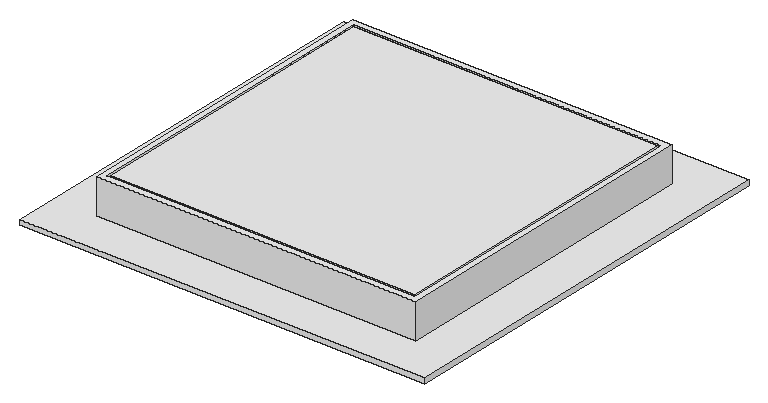
Revit family "Floor_Door-Acudor-Flush_Diamond_Plate-FD-8060_Series", category Specialty Equipment, host Face, Revit 2014
Parameters (values of type "FD-8060 8x8")
  Width = 8"
  URL = "http://acudor.com/"
  Product URL = "https://www.acudor.com/products/floor-doors/fd-8060"
  Product Documentation Link = "https://www.acudor.com/images/acudor/accessdoors/floor/FD8060/FD-8060-PS.pdf"
  Model = "FD-8060 8x8"
  Material = "Aluminum-Acudor-Mill Finish"  # constant formula
  Manufacturer = "Acudor"
  Length = 1"  # constant formula
  Installation Type = "Floor"
  Height = 8"
  Finish = Aluminum-Acudor-Mill Finish
  Description = "Non Hinged, Flush Diamond Plate Floor Door"
  Default Elevation = 0"
  Assembly Code = "C1020700"
Types (5): name | Width | Model | Height
  (no name) | 8" | "FD-8060 8x8" | 8"
  FD-8060 8x8 | 8" | "FD-8060 8x8" | 8"
  FD-8060 12x12 | 12" | "FD-8060 12x12" | 12"
  FD-8060 18x18 | 18" | "FD-8060 18x18" | 18"
  FD-8060 24x24 | 24" | "FD-8060 24x24" | 24"
Reference planes (in)
  plane 1 "Center (Front/Back)": y = 0
  plane 2: z = 0
  plane 3 "Center (Left/Right)": x = 0
  plane 4: x = 5.0625
  plane 5: x = -5.0625
  plane 6: y = -4
  plane 7: y = 4
  plane 8: z = -1
  plane 9: x = 4
  plane 10: x = -4
  plane 11: y = 5.0625
  plane 12: y = -5.0625
Forms (in)
  Sweep 1, solid, material "Aluminum-Acudor-Mill Finish" <- "Finish"
    path origin (0, 0, 0) x (1, 0, 0) y (0, 1, 0)
      loop
        line (-4, 4) -> (-4, -4) -> (4, -4) -> (4, 4) -> (-4, 4)
    profile origin (0, 4, 0) x (0, 1, 0) y (0, 0, 1)
      loop
        line (-0.13465, 0) -> (-0.13465, -0.87672) -> (-0.19222, -0.87672) -> (-0.19222, 0) -> (-0.44222, 0) -> (-0.44222, -1) -> (1.0625, -1) -> (1.0625, -0.87672) -> (0, -0.87672) -> (0, 0) -> (-0.13465, 0)
  Extrusion 2, void
    sketch origin (0, 0, 0) x (1, 0, 0) y (0, 1, 0)
      loop
        line (-4, 4) -> (-4, -4) -> (4, -4) -> (4, 4) -> (-4, 4)
    from -1 to 0
  Extrusion 3, solid, material "Aluminum-Acudor-Mill Finish" <- "Finish"
    sketch origin (-3.55778, 3.55778, 0) x (1, 0, 0) y (0, 1, 0)
      loop
        line (7.11556, 0) -> (0, 0) -> (0, -7.11556) -> (7.11556, -7.11556) -> (7.11556, 0)
    from -1 to 0
Cuts and joins
  joined: Sweep 1, Extrusion 3
Lines and regions (in)
  Masking region 1
    outline origin (-3.55778, 3.55778, 0) x (1, 0, 0) y (0, 1, 0)
      loop
        line (-1.50472, 1.50472) -> (-1.50472, -8.62028) -> (8.62028, -8.62028) -> (8.62028, 1.50472) -> (-1.50472, 1.50472)
  model lines
    curve 1: circle (-3.55778, 3.55778, 0) r 0.05374 normal (0, 0, 1)
    curve 2: circle (3.55778, 3.55778, 0) r 0.05374 normal (0, 0, -1)
    curve 3: circle (-3.55778, -3.55778, 0) r 0.05374 normal (0, 0, -1)
    curve 4: circle (3.55778, -3.55778, 0) r 0.05374 normal (0, 0, 1)
  symbolic lines, detail levels medium+fine
    curve 5: line (-4, 4, 0) -> (4, 4, 0)
    curve 6: line (-4, -4, 0) -> (-4, 4, 0)
    curve 7: line (4, -4, 0) -> (-4, -4, 0)
    curve 8: line (4, 4, 0) -> (4, -4, 0)
    curve 9: line (-3.86535, 3.86535, 0) -> (3.86535, 3.86535, 0)
    curve 10: line (-3.86535, -3.86535, 0) -> (-3.86535, 3.86535, 0)
    curve 11: line (3.86535, -3.86535, 0) -> (-3.86535, -3.86535, 0)
    curve 12: line (3.86535, 3.86535, 0) -> (3.86535, -3.86535, 0)
    curve 13: line (-3.80778, 3.80778, 0) -> (3.80778, 3.80778, 0)
    curve 14: line (-3.80778, -3.80778, 0) -> (-3.80778, 3.80778, 0)
    curve 15: line (3.80778, -3.80778, 0) -> (-3.80778, -3.80778, 0)
    curve 16: line (3.80778, 3.80778, 0) -> (3.80778, -3.80778, 0)
    curve 17: circle (-3.55778, 3.55778, 0) r 0.05374 normal (0, 0, 1)
    curve 18: circle (3.55778, 3.55778, 0) r 0.05374 normal (0, 0, 1)
    curve 19: circle (3.55778, -3.55778, 0) r 0.05374 normal (0, 0, 1)
    curve 20: circle (-3.55778, -3.55778, 0) r 0.05374 normal (0, 0, 1)
Dimensions and locks (in)
  "Length": plane 8 to level
  equal spacing: plane 10, plane 3 "Center (Left/Right)", plane 9
  "Width": plane 10 to plane 9
  equal spacing: plane 7, plane 1 "Center (Front/Back)", plane 6
  "Height": plane 7 to plane 6
  locked: plane 12 to plane 6 at 1.0625
  locked: plane 11 to plane 7 at 1.0625
  locked: plane 5 to plane 10 at 1.0625
  locked: plane 9 to plane 4 at 1.0625
  locked: Sweep 1 sketch curve to Sweep 1 sketch curve at 0.05757
  locked: plane 7 to Sweep 1 sketch curve at 0.13465
  locked: level to Sweep 1 sketch curve at 0.87672
  locked: plane 7 to curve 1 at 0.44222
  locked: plane 10 to curve 1 at 0.44222
  locked: plane 6 to curve 3 at 0.44222
  locked: plane 10 to curve 3 at 0.44222
  locked: curve 4 to plane 9 at 0.44222
  locked: plane 6 to curve 4 at 0.44222
  locked: plane 7 to curve 2 at 0.44222
  locked: curve 2 to plane 9 at 0.44222
  diameter of curve 1 = 0.10748"
  diameter of curve 3 = 0.10748"
  diameter of curve 4 = 0.10748"
  diameter of curve 2 = 0.10748"
  aligned and locked: plane 2 to host face
  aligned and locked: level to host face
  aligned and locked: Sweep 1 sketch curve to plane 7
  aligned and locked: Sweep 1 sketch curve to plane 10
  aligned and locked: Sweep 1 sketch curve to plane 6
  aligned and locked: Sweep 1 sketch curve to plane 9
  aligned and locked: plane 8 to Sweep 1 sketch curve
  aligned and locked: level to Sweep 1 sketch curve  (x2)
  aligned and locked: plane 7 to Sweep 1 sketch curve
  aligned and locked: Sweep 1 sketch curve to Sweep 1 sketch curve
  aligned and locked: plane 11 to Sweep 1 sketch curve
  aligned and locked: Extrusion 2 sketch curve to Sweep 1  (x4)
  aligned and locked: plane 8 to Extrusion 2
  aligned and locked: level to Extrusion 2
  aligned and locked: Extrusion 3 sketch curve to Sweep 1  (x3)
  aligned and locked: Sweep 1 to Extrusion 3  (x2)
  aligned and locked: Extrusion 3 to Sweep 1
  aligned and locked: Masking region 1 sketch curve to cut or joined group of Sweep 1, Extrusion 3  (x4)
  aligned and locked: curve 5 to cut or joined group of Sweep 1, Extrusion 3
  aligned and locked: curve 6 to cut or joined group of Sweep 1, Extrusion 3
  aligned and locked: curve 7 to cut or joined group of Sweep 1, Extrusion 3
  aligned and locked: curve 8 to cut or joined group of Sweep 1, Extrusion 3
  aligned and locked: curve 9 to cut or joined group of Sweep 1, Extrusion 3
  aligned and locked: curve 10 to cut or joined group of Sweep 1, Extrusion 3
  aligned and locked: curve 11 to cut or joined group of Sweep 1, Extrusion 3
  aligned and locked: curve 12 to cut or joined group of Sweep 1, Extrusion 3
  aligned and locked: curve 13 to cut or joined group of Sweep 1, Extrusion 3
  aligned and locked: curve 14 to cut or joined group of Sweep 1, Extrusion 3
  aligned and locked: curve 15 to cut or joined group of Sweep 1, Extrusion 3
  aligned and locked: curve 16 to cut or joined group of Sweep 1, Extrusion 3
  aligned and locked: curve 20 to curve 3
  aligned and locked: curve 17 to curve 1
  aligned and locked: curve 18 to curve 2
  aligned and locked: curve 19 to curve 4
Automatic sketch dimensions
  host sketch curve to host sketch curve = 96"  (x2)
  Extrusion 3 sketch curve to Sweep 1 = 0"
  Sweep 1 sketch curve to Sweep 1 sketch curve = 1/4"
